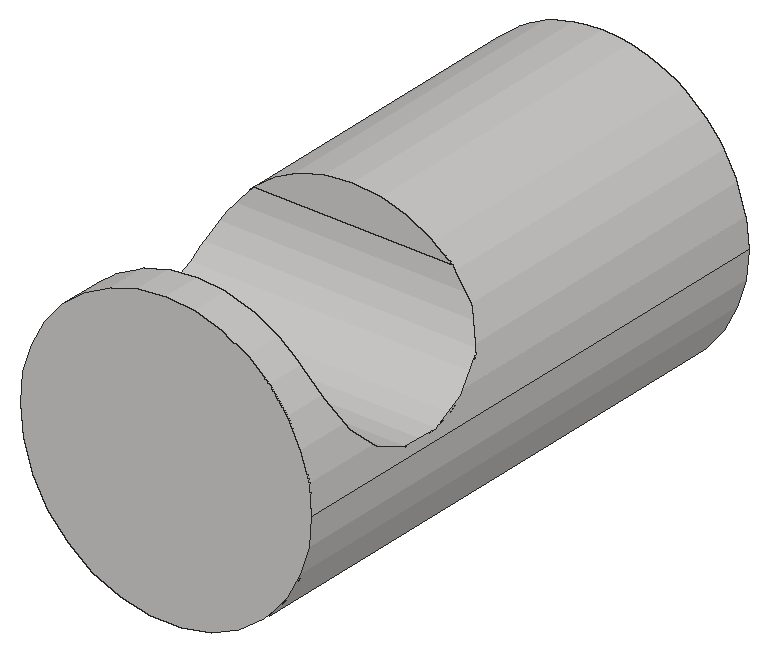
Revit family "T17", category Generic Models, Revit 2021
Family settings
  Can host rebar = No
  Round Connector Dimension = Use Diameter
  Part Type = Normal
  Work Plane-Based = No
  Always vertical = Yes
  Cut with Voids When Loaded = No
  Shared = No
  Room Calculation Point = No
Parameters (values of type "Standard")
  e-mail = "info@vola.com"
  URL = "http://vola.com"
  Telephone = "+45 7023 5500"
  Quality management standard = "ISO 9001"
  Organisation no. / DUNS no. = "17531328"
  Occupational health and safety management standard = "ISO 18001"
  Mounting Instructions = "http://vola.com/service/producturl.ashx?name=T17"
  Model = "T17"
  Materials and components information = "http://vola.com/service/producturl.ashx?name=T17"
  Manufacturer = "VOLA A/S"
  Maintenance Instructions = "http://vola.com/service/producturl.ashx?name=T17"
  Guarantee = "2 years"
  Environmental management standard = "ISO 14000"
  Default Elevation = 0.00 mm
  Connection - All relevant connections = ""
  Approvals = "http://vola.com/service/producturl.ashx?name=T17"
Reference planes
  plane 1 "Center (Front/Back)": y = 0
  plane 2: z = 0
  plane 3 "Center (Left/Right)": x = 0
Forms (mm)
  Extrusion 1, solid, material "Stainless Steel"
    sketch origin (0, 0, 0) x (1, 0, 0) y (0, 0, 1)
      loop
        circle (0, 0) r 7.5
    from 0 to 28
  Extrusion 2, void
    sketch origin (0, 0, 0) x (0, 1, 0) y (0, 0, -1)
      loop
        arc (-16, -5.5) -> (-21, -0.5) -> (-26, -5.5) r 5
        line (-26, -5.5) -> (-26, -10.5) -> (-16, -10.5) -> (-16, -5.5)
    from -13 to 13
Cuts and joins
  Extrusion 2 cuts Extrusion 1
Dimensions and locks
  aligned and locked: plane 2 to level
